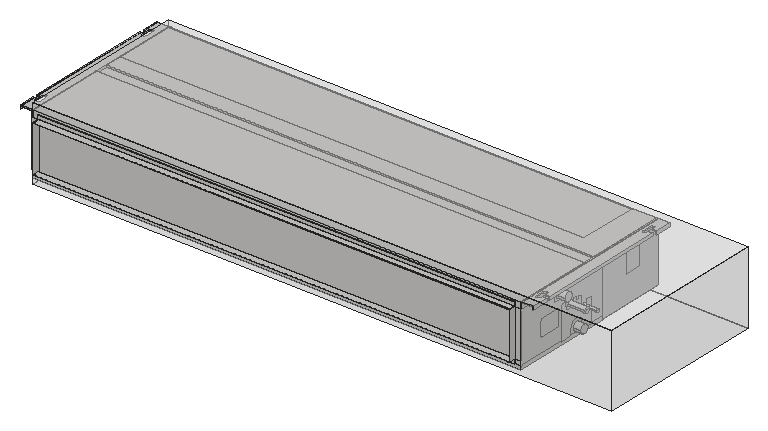
Revit family "outputfile", category 機械設備, Revit 2024
Family settings
  丸型コネクタ寸法 = 半径を使用
  パーツ タイプ = 標準
  OmniClass 番号 = 23.75.10.24.21.27.27
  OmniClass タイトル = Split System Air Conditioning Units
  作業面ベース = いいえ
  常に垂直 = はい
  ロード時にボイドで切り取り = いいえ
  注釈の向きを維持 = いいえ
  共有 = いいえ
  部屋計算ポイント = はい
Parameters (values of type "FPDQ100APV1")
  Description = ""
  書き出し IFC クラス(タイプ) = "IfcUnitaryEquipmentType"
  定義済み IFC タイプ(タイプ) = "AIRCONDITIONINGUNIT"
  Cost = 0
  Type Comments = ""
  Keynote = ""
  Type Image = (empty or 0)
  Assembly Code = ""
  w_RA Duct Size = RA Duct Size Width + 30.0 mm  # 1529.0 mm
  r_HP/LP Gas Pipe Size = 6.35 mm
  lw_HP/LP Gas Pipe Size = 60.0 mm  # constant formula
  lh_HP/LP Gas Pipe Size = -120.0 mm
  ld_HP/LP Gas Pipe Size = 131.0 mm
  製造元 = "Daikin"
  モデル = "FPDQ100APV1"
  w_pipe = 33.0 mm
  r_Liquid Pipe Size = Liquid Pipe Size / 2  # 4.75 mm
  r_Gas Pipe Size = Gas Pipe Size / 2  # 7.95 mm
  r_Drain Pipe Size = Drain Pipe Size / 2  # 13.0 mm
  lw_powersupply = 304.0 mm
  lh_suctionflange [instance] = if(Rear Connection_Return Air, 100.0 mm + [h***], 190.0 mm + [h***])  # 100.0 mm
  ld_suctionflange [instance] = if(Rear Connection_Return Air, 190.0 mm, 100.0 mm)  # 190.0 mm
  ld_powersupply = 60.0 mm
  angle_vertical_RA [instance] = if(Rear Connection_Return Air, 90.00°, 0.00°)  # 90.00°
  angle horizontal_RA [instance] = if(Rear Connection_Return Air, 180.00°, 270.00°)  # 180.00°
  Voltage_comment_50Hz = "220 - 240"
  Voltage_50Hz = 230 V
  URL = ""
  Supply Air Direction [instance] = yes
  Sound Power Level_H speed (dB) = 0
  Rear Connection_Return Air [instance] = not(Bottom Connection_Return Air)  # yes
  RA_length = 190.0 mm  # constant formula
  Phase_50Hz = 1
  Minimum External Static Pressure = 20.00 Pa
  Minimum Circuit Amps_50Hz = 0.7 A
  Maximum Fuse Amps_50Hz = 16.0 A
  Maximum External Static Pressure = 40.00 Pa
  Material_Casing = DAIKIN_GalvanizedSteel_Casing_indoorunit
  lw_liquidpipe = 49.0 mm  # constant formula
  lw_gaspipe = 59.0 mm  # constant formula
  lw_mountinghole_pitch = Width + 40.0 mm  # 1650.0 mm
  lw_mountinghole = 20.0 mm  # constant formula
  lw_drainpipe = 32.0 mm  # constant formula
  lh_powersupply = 21.5 mm
  lh_liquidpipe = 80.0 mm
  lh_gaspipe = 109.0 mm
  lh_mountinghole = Height + [h***]  # 200.0 mm
  lh_drainpipe = 43.0 mm
  lh_antena = 1.0 mm  # constant formula
  ld_liquidpipe = 255.0 mm  # constant formula
  ld_gaspipe = 198.0 mm  # constant formula
  ld_mountinghole_pitch = 500.0 mm  # constant formula
  ld_drainpipe = 405.0 mm  # constant formula
  ld_controlbox = 626.0 mm  # constant formula
  h*** = 0.0 mm  # constant formula
  d_dischargeflange = 22.2 mm  # constant formula
  Width = 1610.0 mm
  Version = "ver.1.0"
  Unit Type = "Compact Ceiling Mounted Duct Type"
  Unit Mass Weight = 40.00 kg
  Unit Designation [instance] = ""
  Uniclass2015Version = "Products v1.30"
  Uniclass2015Title = "Variable refrigerant flow units"
  Uniclass2015Code = "Pr_70_65_03_94"
  Total Cooling Capacity [instance] = 0.000 kW
  Sound Pressure Level_M speed (dBA) = 35
  Sound Pressure Level_L speed (dBA) = 33
  Sound Pressure Level_H speed (dBA) = 37
  Series = "VRV HOME_Fan Coil Unit"
  Sensible Cooling Capacity [instance] = 0.000 kW
  SA Duct Size Width = 1570.0 mm
  SA Duct Size Height = 153.0 mm
  Refrigerant Type = "R410A"
  RA Duct Size Width = 1499.0 mm
  RA Duct Size Height = 170.0 mm
  Power Input (Cooling) = 0.188 kW
  Option Accessory 3 [instance] = ""
  Option Accessory 2 [instance] = ""
  Option Accessory 1 [instance] = ""
  Nominal Cooling Capacity = 11.200 kW
  Minimum Airflow = 1080.00 m³/h
  Median Airflow = 1320.00 m³/h
  Maximum Airflow = 1560.00 m³/h
  Load Classification = HVAC
  Liquid Pipe Size = 9.5 mm
  Link_Nested Family [instance] = ""
  IfcVersion = ""
  IfcExportType = "AIRCONDITIONINGUNIT"
  IfcExportAs = "IfcUnitaryEquipmentType"
  Height = 200.0 mm
  Heat Exchanger Type = "Cross Fin Coil"
  Gas Pipe Size = 15.9 mm
  Frequency_50Hz = 50 Hz
  Fan Type = "Sirocco Fan"
  Fan Drive = "Direct Drive"
  FCU Tag No. [instance] = ""
  Drain Pipe Size = 26.0 mm
  Design Supply Airflow [instance] = 0.00 m³/h
  Design Return Airflow [instance] = 0.00 m³/h
  Design External Static Pressure [instance] = 0.00 Pa
  Depth = 560.0 mm
  既定の高さ = 0.0 mm
  Cooling Entering Wet Bulb Temperature [instance] = 0.00 °C
  Cooling Entering Dry Bulb Temperature [instance] = 0.00 °C
  Cooling Ambient Wet Bulb Temperature [instance] = 0.00 °C
  Cooling Ambient Dry Bulb Temperature [instance] = 0.00 °C
  Clearance visibility [instance] = yes
  Clearance Top = 20.0 mm
  Clearance Right = 300.0 mm
  Clearance Rear = 0.0 mm
  Clearance Left = 0.0 mm
  Clearance Front = 0.0 mm
  Clearance Bottom = 20.0 mm
  Bottom Connection_Return Air [instance] = no
Reference planes
  plane 1 "Center (Front/Back)": y = 0
  plane 2: z = 0
  plane 3 "Center (Left/Right)": x = 0
  plane 4 "Back": y = 280
  plane 5 "Front": y = -280
  plane 6 "Left": x = -805
  plane 7 "Right": x = 805
  plane 8 "Top": z = 0
  plane 9 "Bottom": z = -200
  plane 10: x = 330
  plane 11: x = -330
  plane 12: z = -178.5
  plane 13: z = -6
  plane 14: z = -22
  plane 15: z = -120
  plane 16: z = -91
  plane 17: x = -304
  plane 18: x = 304
  plane 19: x = -825
  plane 20: x = 825
  plane 21: y = -280
  plane 22: y = 220
  plane 23: x = -845
  plane 24: x = 390
  plane 25: x = 854
  plane 26: x = 864
  plane 27: x = 837
  plane 28: z = 0
  plane 29: z = -157
  plane 30 "Clearance Left": x = -805
  plane 31 "Clearance Right": x = 1105
  plane 32 "Clearance Rear": y = 280
  plane 33 "Clearance Front": y = -280
  plane 34 "Clearance Top": z = 20
  plane 35 "Clearance Bottom": z = -220
  plane 36: z = -21
  plane 37: z = -43
  plane 38: z = -96.5
  plane 39: x = -40.5
  plane 40: y = -82
  plane 41: y = -25
  plane 42: y = -30
  plane 43: y = -125
  plane 44: z = -97.5
  plane 45: y = -279
  plane 46: x = -804
  plane 47: z = -88.5
  plane 48: z = -30
  plane 49: y = 210
  plane 50: z = 301
  plane 51: z = -199
  plane 52: y = 90
  plane 53: z = -101
  plane 54: x = 835
  plane 55: z = 11
  plane 56: z = 102.5
  plane 57: y = -149
  plane 58: y = -220
Forms (mm)
  Extrusion 1, solid, material "DAIKIN_GalvanizedSteel_Casing_indoorunit" <- "Material_Casing"
    sketch origin (0, 0, 0) x (1, 0, 0) y (0, 1, 0)
      loop
        line (-805, -280) -> (805, -280) -> (805, 280) -> (-805, 280) -> (-805, -280)
    from -200 to 0
  Extrusion 2, void
    sketch origin (0, 0, 1) x (1, 0, 0) y (0, 1, 0)
      loop
        line (-805, -19) -> (805, -19) -> (805, 24) -> (-805, 24) -> (-805, -19)
    from -1 to -7
  Revolve 3, solid, material "DAIKIN_GalvanizedSteel_Casing_indoorunit" <- "Material_Casing"
    sketch origin (0, 0, -91) x (0, -1, 0) y (1, 0, 0)
      loop
        line (74.05, 805) -> (82, 805) -> (82, 864) -> (74.05, 864) -> (74.05, 805)
      axis (82, 805) -> (82, 864)
    angle from 0 to 360
  Revolve 4, solid, material "DAIKIN_GalvanizedSteel_Casing_indoorunit" <- "Material_Casing"
    sketch origin (0, 0, -120) x (0, -1, 0) y (1, 0, 0)
      loop
        line (25, 805) -> (25, 854) -> (20.25, 854) -> (20.25, 805) -> (25, 805)
      axis (25, 854) -> (25, 805)
    angle from 0 to 360
  Extrusion 5, solid, material "DAIKIN_GalvanizedSteel_Casing_indoorunit" <- "Material_Casing"
    sketch origin (805, 0, 0) x (0, 1, 0) y (0, 0, 1)
      loop
        circle (-125, -43) r 13
    from 0 to 32 <- "lw_drainpipe"
  Extrusion 6, solid, material "DAIKIN_GalvanizedSteel_Casing_indoorunit" <- "Material_Casing"
    sketch origin (0, 0, 0) x (1, 0, 0) y (0, 0, 1)
      loop
        line (-805, -190) -> (-805, -200) -> (805, -200) -> (805, -190) -> (-805, -190)
    from -55 to 280
  Extrusion 7, solid, material "DAIKIN_GalvanizedSteel_Casing_indoorunit" <- "Material_Casing", visible <- "Bottom Connection_Return Air"
    sketch origin (0, 280, 0) x (-1, 0, 0) y (0, 0, 1)
      loop
        line (-723, -200) -> (804, -200) -> (804, -1) -> (-723, -1) -> (-723, -200)
    from -1 to 0
  Extrusion 8, void
    sketch origin (0, 280, 0) x (-1, 0, 0) y (0, 0, 1)
      loop
        line (-723, 0) -> (-723, -1) -> (804, -1) -> (804, 0) -> (-723, 0)
    from 0 to -200
  Extrusion 9, solid, material "DAIKIN_GalvanizedSteel_Casing_indoorunit" <- "Material_Casing", visible <- "Rear Connection_Return Air"
    sketch origin (0, 0, 0) x (1, 0, 0) y (0, 1, 0)
      loop
        line (-804, 280) -> (-804, 80) -> (723, 80) -> (723, 280) -> (-804, 280)
    from -200 to -199
  Extrusion 10, solid, material "DAIKIN_GalvanizedSteel_Casing_indoorunit" <- "Material_Casing"
    sketch origin (805, 0, 0) x (0, 1, 0) y (0, 0, 1)
      loop
        line (280, -21.933) -> (55, -21.933) -> (55, -197.5) -> (280, -197.5) -> (280, -21.933)
    from 1 to 0
  Extrusion 11, void
    sketch origin (805, 0, 0) x (0, 1, 0) y (0, 0, 1)
      loop
        arc (-108.988, -64) -> (-105.461, -62.539) -> (-104, -59.012) r 4.988
        line (-104, -59.012) -> (-104, -26.988)
        arc (-104, -26.988) -> (-105.461, -23.461) -> (-108.988, -22) r 4.988
        line (-108.988, -22) -> (-141.012, -22)
        arc (-141.012, -22) -> (-144.539, -23.461) -> (-146, -26.988) r 4.988
        line (-146, -26.988) -> (-146, -59.012)
        arc (-146, -59.012) -> (-144.539, -62.539) -> (-141.012, -64) r 4.988
        line (-141.012, -64) -> (-108.988, -64)
    from 0 to -1
  Extrusion 12, solid, material "DAIKIN_GalvanizedSteel_Casing_indoorunit" <- "Material_Casing"
    sketch origin (805, 0, 0) x (0, 1, 0) y (0, 0, 1)
      loop
        circle (-55, -170) r 13
    from 28 to 0
  Extrusion 13, solid, material "DAIKIN_GalvanizedSteel_Casing_indoorunit" <- "Material_Casing"
    sketch origin (805, 0, 0) x (0, 1, 0) y (0, 0, 1)
      loop
        line (-199.354, -90) -> (-199.354, -136)
        arc (-199.354, -136) -> (-198.475, -138.121) -> (-196.354, -139) r 3
        line (-196.354, -139) -> (-132.354, -139)
        arc (-132.354, -139) -> (-130.233, -138.121) -> (-129.354, -136) r 3
        line (-129.354, -136) -> (-129.354, -90)
        arc (-129.354, -90) -> (-130.233, -87.879) -> (-132.354, -87) r 3
        line (-132.354, -87) -> (-196.354, -87)
        arc (-196.354, -87) -> (-198.475, -87.879) -> (-199.354, -90) r 3
      loop
        line (152, -37) -> (152, -107) -> (204, -107) -> (204, -37) -> (152, -37)
      loop
        line (-37.5, -120) -> (-37.5, -90)
        arc (-37.5, -90) -> (-38.086, -88.586) -> (-39.5, -88) r 2
        line (-39.5, -88) -> (-41.5, -88)
        arc (-41.5, -88) -> (-42.914, -88.586) -> (-43.5, -90) r 2
        line (-43.5, -90) -> (-43.5, -94) -> (-55.5, -94) -> (-55.5, -86)
        arc (-55.5, -86) -> (-56.086, -84.586) -> (-57.5, -84) r 2
        line (-57.5, -84) -> (-62, -84)
        arc (-62, -84) -> (-63.414, -84.586) -> (-64, -86) r 2
        line (-64, -86) -> (-64, -91)
        arc (-64, -91) -> (-82, -109) -> (-100, -91) r 18
        line (-100, -91) -> (-100, -83)
        arc (-100, -83) -> (-100.586, -81.586) -> (-102, -81) r 2
        line (-102, -81) -> (-112.5, -81)
        arc (-112.5, -81) -> (-113.914, -81.586) -> (-114.5, -83) r 2
        line (-114.5, -83) -> (-114.5, -190) -> (-79.5, -190) -> (-79.5, -170)
        arc (-79.5, -170) -> (-55, -145.5) -> (-30.5, -170) r 24.5
        line (-30.5, -170) -> (-30.5, -190) -> (5.5, -190) -> (5.5, -112)
        arc (5.5, -112) -> (4.914, -110.586) -> (3.5, -110) r 2
        line (3.5, -110) -> (-9.5, -110)
        arc (-9.5, -110) -> (-10.914, -110.586) -> (-11.5, -112) r 2
        line (-11.5, -112) -> (-11.5, -120)
        arc (-11.5, -120) -> (-24.5, -133) -> (-37.5, -120) r 13
    from 0 to 1
  Extrusion 14, solid, material "DAIKIN_GalvanizedSteel_Casing_indoorunit" <- "Material_Casing"
    sketch origin (-805, 0, 0) x (0, 1, 0) y (0, 0, 1)
      loop
        circle (160, -102) r 21
    from 0 to -7
  Extrusion 15, solid, material "DAIKIN_GalvanizedSteel_Casing_indoorunit" <- "Material_Casing"
    sketch origin (-805, 0, 0) x (0, 1, 0) y (0, 0, 1)
      loop
        circle (160, -102) r 17.5
    from 0 to -8.5
  Extrusion 16, solid, material "DAIKIN_GalvanizedSteel_Casing_indoorunit" <- "Material_Casing"
    sketch origin (-805, 0, 0) x (0, 1, 0) y (0, 0, 1)
      loop
        circle (160, -102) r 7
    from 0 to -20.5
Cuts and joins
  Extrusion 2, Extrusion 8, Extrusion 11 cuts Extrusion 1
  Extrusion 8 cuts Extrusion 6
  joined: Extrusion 14, Extrusion 15, Extrusion 16
Dimensions and locks
  "lh_powersupply": plane 12 to plane 9 "Bottom"
  locked: plane 8 "Top" to plane 13 at 6
  "Height": plane 8 "Top" to plane 9 "Bottom"
  equal spacing: plane 17, plane 3 "Center (Left/Right)", plane 18, locked at 304 each
  plane 17 to plane 18 = 608.0 mm
  equal spacing: plane 19, plane 3 "Center (Left/Right)", plane 20
  "lw_mountinghole_pitch": plane 19 to plane 20
  locked: plane 14 to plane 9 "Bottom" at 178
  "lw_mountinghole": plane 23 to plane 19
  "lh_liquidpipe": plane 15 to plane 9 "Bottom"
  "lh_gaspipe": plane 16 to plane 9 "Bottom"
  "lh_mountinghole": plane 28 to plane 9 "Bottom"
  "ld_mountinghole_pitch": plane 22 to plane 21
  equal spacing: plane 6 "Left", plane 3 "Center (Left/Right)", plane 7 "Right"
  "Width": plane 6 "Left" to plane 7 "Right"
  "lh_drainpipe": plane 29 to plane 9 "Bottom"
  "Clearance Right": plane 7 "Right" to plane 31 "Clearance Right"
  "Clearance Left": plane 30 "Clearance Left" to plane 6 "Left"
  "lw_gaspipe": plane 7 "Right" to plane 26
  "lw_liquidpipe": plane 7 "Right" to plane 25
  "lw_drainpipe": plane 7 "Right" to plane 27
  "Clearance Rear": plane 32 "Clearance Rear" to plane 4 "Back"
  "Clearance Front": plane 5 "Front" to plane 33 "Clearance Front"
  "Clearance Top": plane 34 "Clearance Top" to plane 8 "Top"
  "Clearance Bottom": plane 9 "Bottom" to plane 35 "Clearance Bottom"
  "lw_powersupply": plane 3 "Center (Left/Right)" to plane 18
  locked: plane 8 "Top" to plane 36 at 21
  "lh_drainpipe": plane 8 "Top" to plane 37
  locked: plane 38 to plane 9 "Bottom" at 103.5
  locked: plane 36 to plane 44 at 76.5
  "Depth": plane 4 "Back" to plane 5 "Front"
  equal spacing: plane 4 "Back", plane 1 "Center (Front/Back)", plane 5 "Front"
  locked: plane 45 to plane 5 "Front" at 1
  locked: plane 46 to plane 6 "Left" at 1
  Extrusion 7 sketch curve to Extrusion 7 sketch curve = 199.0 mm
  nested 12 to plane 39 = 749.5 mm
  locked: plane 12 to plane 47 at 90
  plane 32 "Clearance Rear" to Extrusion 7 = 0.0 mm
  locked: plane 48 to plane 35 "Clearance Bottom" at 190
  plane 50 to plane 28 = 301.0 mm
  locked: plane 51 to plane 9 "Bottom" at 1
  "ld_suctionflange": plane 4 "Back" to plane 52
  locked: plane 53 to plane 9 "Bottom" at 99
  locked: plane 54 to plane 7 "Right" at 30
  "r_Gas Pipe Size": Revolve 3 sketch curve to Revolve 3 sketch curve
  "ld_gaspipe": plane 40 to plane 5 "Front"
  "r_Liquid Pipe Size": Revolve 4 sketch curve to plane 41
  "ld_liquidpipe": plane 41 to plane 5 "Front"
  "ld_drainpipe": plane 4 "Back" to plane 43
  "ld_HP/LP Gas Pipe Size": plane 57 to plane 5 "Front"
  plane 8 "Top" to plane 15 = 120.0 mm
  locked: nested 11 to plane 7 "Right" at 61.7
  locked: plane 4 "Back" to nested 11 at 49.2
  locked: plane 7 "Right" to Extrusion 8 sketch curve at 82
  locked: plane 7 "Right" to Extrusion 7 sketch curve at 82
  locked: plane 4 "Back" to plane 22 at 60
  locked: plane 58 to plane 5 "Front" at 60
  locked: plane 4 "Back" to nested 13 at 1
  locked: plane 4 "Back" to Extrusion 2 sketch curve at 256
  locked: Extrusion 2 sketch curve to Extrusion 2 sketch curve at 43
  "lw_gaspipe": plane 7 "Right" to Revolve 3 sketch curve
  "lw_liquidpipe": plane 7 "Right" to Revolve 4 sketch curve
  plane 4 "Back" to Extrusion 14 sketch curve = 120.0 mm
  plane 8 "Top" to Extrusion 14 sketch curve = 102.0 mm
  locked: plane 4 "Back" to Extrusion 15 sketch curve at 120
  locked: plane 8 "Top" to Extrusion 15 sketch curve at 102
  plane 4 "Back" to Extrusion 16 sketch curve = 120.0 mm
  plane 8 "Top" to Extrusion 16 sketch curve = 102.0 mm
  plane 8 "Top" to Extrusion 11 sketch curve = 22.0 mm
  locked: Extrusion 10 sketch curve to Extrusion 10 sketch curve at 175.567
  plane 8 "Top" to Extrusion 13 sketch curve to Extrusion 13 sketch curve = 37.0 mm locked, 70.0 mm locked
  Extrusion 13 sketch curve to Extrusion 13 sketch curve to plane 4 "Back" = 52.0 mm locked, 76.0 mm locked
  locked: Extrusion 10 sketch curve to plane 4 "Back" at 225
  "ld_gaspipe": Revolve 3 sketch curve to plane 5 "Front"
  "r_Drain Pipe Size": radius of Extrusion 5 sketch curve
  aligned and locked: level to plane 2
  aligned and locked: Extrusion 1 to plane 9 "Bottom"
  aligned and locked: plane 8 "Top" to Extrusion 1
  aligned and locked: Revolve 3 sketch curve to Revolve 3 sketch curve
  aligned and locked: plane 25 to nested 6
  aligned and locked: nested 6 to plane 15
  aligned and locked: plane 22 to nested 2
  aligned and locked: plane 20 to nested 2
  aligned and locked: plane 20 to nested 3
  aligned and locked: plane 19 to nested 4
  aligned and locked: nested 5 to plane 22
  aligned and locked: plane 19 to nested 5
  aligned and locked: plane 8 "Top" to nested 1
  aligned and locked: Extrusion 6 to plane 5 "Front"
  aligned and locked: Extrusion 6 to plane 9 "Bottom"
  aligned and locked: nested 7 to plane 16
  aligned and locked: plane 4 "Back" to nested 1
  aligned and locked: plane 40 to nested 7
  aligned and locked: plane 41 to nested 6
  aligned and locked: nested 12 to plane 46
  aligned and locked: plane 4 "Back" to Extrusion 8
  aligned and locked: plane 8 "Top" to Extrusion 2
  aligned and locked: Extrusion 7 to cut or joined group of Extrusion 1, Extrusion 2, Extrusion 8, Extrusion 11
  aligned and locked: plane 9 "Bottom" to Extrusion 9  (x2)
  aligned and locked: Extrusion 9 to plane 51
  aligned and locked: plane 4 "Back" to nested 12
  aligned and locked: Extrusion 8 to level
  aligned and locked: plane 32 "Clearance Rear" to nested 14
  aligned and locked: plane 31 "Clearance Right" to nested 14
  aligned and locked: plane 30 "Clearance Left" to nested 14
  aligned and locked: nested 14 to plane 33 "Clearance Front"
  aligned and locked: nested 14 to plane 34 "Clearance Top"
  aligned and locked: nested 14 to plane 35 "Clearance Bottom"
  aligned and locked: plane 7 "Right" to Extrusion 10
  aligned and locked: Extrusion 2 to plane 13
  aligned and locked: nested 8 to plane 37
  aligned and locked: nested 10 to plane 1 "Center (Front/Back)"
  aligned and locked: plane 46 to Extrusion 7
  aligned and locked: nested 12 to plane 51
  aligned and locked: plane 3 "Center (Left/Right)" to nested 10
  aligned and locked: nested 16 to plane 13
  aligned and locked: plane 44 to nested 9
  aligned and locked: level to plane 8 "Top"
  aligned and locked: plane 3 "Center (Left/Right)" to nested 1
  aligned and locked: Extrusion 1 sketch curve to plane 5 "Front"
  aligned and locked: plane 3 "Center (Left/Right)" to nested 16
  aligned and locked: plane 5 "Front" to nested 16
  aligned and locked: nested 9 to plane 5 "Front"
  aligned and locked: plane 41 to Revolve 4 sketch curve  (x2)
  aligned and locked: plane 7 "Right" to nested 7
  aligned and locked: Extrusion 9 sketch curve to cut or joined group of Extrusion 1, Extrusion 2, Extrusion 8, Extrusion 11
  aligned and locked: plane 46 to nested 13
  aligned and locked: plane 7 "Right" to nested 8
  aligned and locked: plane 43 to nested 8
  aligned and locked: cut or joined group of Extrusion 1, Extrusion 2, Extrusion 8, Extrusion 11 to Extrusion 9 sketch curve
  aligned and locked: nested 4 to plane 58
  aligned and locked: plane 58 to nested 3
  aligned and locked: plane 39 to nested 15
  aligned and locked: nested 15 to plane 52
  aligned and locked: plane 7 "Right" to Revolve 3 sketch curve
  aligned and locked: plane 7 "Right" to Revolve 4 sketch curve
  aligned and locked: Extrusion 6 sketch curve to plane 9 "Bottom"
  aligned and locked: Extrusion 5 sketch curve to plane 43
  aligned and locked: plane 4 "Back" to Extrusion 10 sketch curve
Automatic sketch dimensions
  Extrusion 1 sketch curve to plane 4 "Back" = 0.0 mm
  Extrusion 1 sketch curve to plane 6 "Left" = 0.0 mm
  Extrusion 1 sketch curve to plane 7 "Right" = 0.0 mm
  Extrusion 2 sketch curve to plane 6 "Left" = 0.0 mm
  Extrusion 2 sketch curve to plane 7 "Right" = 0.0 mm
  Revolve 3 sketch curve to plane 39 = 57.997 mm
  plane 25 to Revolve 3 sketch curve = 1.003 mm
  Revolve 4 sketch curve to plane 25 = 0.0 mm
  Revolve 4 sketch curve to Revolve 4 sketch curve = 1.0 mm
  Extrusion 6 sketch curve to plane 6 "Left" = 0.0 mm
  Extrusion 6 sketch curve to plane 7 "Right" = 0.0 mm
  Extrusion 9 sketch curve to plane 46 = 0.0 mm
  Extrusion 9 sketch curve to plane 4 "Back" = 0.0 mm
  plane 1 "Center (Front/Back)" to Extrusion 11 sketch curve = 146.0 mm
  plane 1 "Center (Front/Back)" to Extrusion 11 sketch curve = 141.012 mm
  Extrusion 11 sketch curve to Extrusion 11 sketch curve = 4.988 mm  (x2)
  plane 43 to Extrusion 11 sketch curve = 16.012 mm  (x2)
  plane 16 to Extrusion 11 sketch curve = 31.988 mm
  plane 43 to Extrusion 12 sketch curve = 70.0 mm
  plane 12 to Extrusion 12 sketch curve = 8.5 mm
  Extrusion 5 sketch curve to plane 37 = 0.0 mm
  Extrusion 7 sketch curve to plane 9 "Bottom" = 0.0 mm
  Extrusion 7 sketch curve to plane 46 = 0.0 mm
  Extrusion 8 sketch curve to level = 0.0 mm
  Extrusion 8 sketch curve to plane 46 = 0.0 mm
  Extrusion 8 sketch curve to level = 1.0 mm
  Extrusion 13 sketch curve to plane 47 = 1.5 mm  (x2)
  plane 58 to Extrusion 13 sketch curve = 20.646 mm
  Extrusion 13 sketch curve to Extrusion 13 sketch curve = 3.0 mm  (x2)
  plane 57 to Extrusion 13 sketch curve = 16.646 mm  (x2)
  plane 29 to Extrusion 13 sketch curve = 21.0 mm
  Extrusion 13 sketch curve to plane 16 = 0.0 mm
  Extrusion 13 sketch curve to plane 40 = 0.0 mm
  plane 43 to Extrusion 13 sketch curve = 10.5 mm
  Extrusion 13 sketch curve to Extrusion 13 sketch curve = 2.0 mm  (x8)
  Extrusion 13 sketch curve to Extrusion 13 sketch curve = 10.5 mm
  Extrusion 13 sketch curve to Extrusion 13 sketch curve = 4.5 mm
  plane 38 to Extrusion 13 sketch curve = 2.5 mm
  plane 47 to Extrusion 13 sketch curve = 0.5 mm
  plane 16 to Extrusion 13 sketch curve = 1.0 mm
  plane 47 to Extrusion 13 sketch curve = 2.5 mm
  plane 47 to Extrusion 13 sketch curve = 5.5 mm
  plane 15 to Extrusion 13 sketch curve = 0.0 mm
  plane 41 to Extrusion 13 sketch curve = 0.5 mm
  Extrusion 13 sketch curve to plane 1 "Center (Front/Back)" = 3.5 mm
  plane 15 to Extrusion 13 sketch curve = 8.0 mm
  Extrusion 13 sketch curve to plane 42 = 7.5 mm
  plane 40 to Extrusion 13 sketch curve = 2.5 mm
  plane 12 to Extrusion 13 sketch curve = 8.5 mm
  Extrusion 13 sketch curve to Extrusion 13 sketch curve = 24.5 mm
  plane 51 to Extrusion 13 sketch curve = 9.0 mm  (x2)
  plane 51 to Extrusion 6 sketch curve = 9.0 mm
  plane 14 to Extrusion 10 sketch curve = 0.067 mm
  radius of Extrusion 12 sketch curve = 13.0 mm
  radius of Extrusion 14 sketch curve = 21.0 mm
  radius of Extrusion 15 sketch curve = 17.5 mm
  radius of Extrusion 16 sketch curve = 7.0 mm
Nested families
  nested 1: "daikin_hangerfixture_FPDQ-APV1" at (0, 0, 0), type "daikin_hangerfixture_FPDQ-APV1"
  nested 2: "daikin_mountinghole" at (825, 220, -200), l_antenna <- "lh_antena", Link_Nested Family <- "Link_Nested Family", h_mountinghole <- "lh_mountinghole", type "daikin_mountinghole"
    with show yes, l_antenna 1.0 mm, h_mountinghole 200.0 mm, Link_Nested Family ""
  nested 3: "daikin_mountinghole" at (825, -220, -200), Link_Nested Family <- "Link_Nested Family", l_antenna <- "lh_antena", h_mountinghole <- "lh_mountinghole", type "daikin_mountinghole"
    with show yes, l_antenna 1.0 mm, h_mountinghole 200.0 mm, Link_Nested Family ""
  nested 4: "daikin_mountinghole" at (-825, -220, -200), l_antenna <- "lh_antena", Link_Nested Family <- "Link_Nested Family", h_mountinghole <- "lh_mountinghole", type "daikin_mountinghole"
    with show yes, l_antenna 1.0 mm, h_mountinghole 200.0 mm, Link_Nested Family ""
  nested 5: "daikin_mountinghole" at (-825, 220, -200), l_antenna <- "lh_antena", Link_Nested Family <- "Link_Nested Family", h_mountinghole <- "lh_mountinghole", type "daikin_mountinghole"
    with show yes, l_antenna 1.0 mm, h_mountinghole 200.0 mm, Link_Nested Family ""
  nested 6: "daikin_connector_rotate2" at (805, -25, -120) x (0, 1, 0) z (0, 0, 1), length <- "lw_liquidpipe", built-in parameter 1001364 <- "lh_liquidpipe", radius <- "r_Liquid Pipe Size", type "daikin_connector_rotate2"
    with radius 4.75 mm, length 49.0 mm, angle_vertical 90.00°
  nested 7: "daikin_connector_rotate2" at (805, -82, -91) x (0, 1, 0) z (0, 0, 1), length <- "lw_gaspipe", built-in parameter 1001364 <- "lh_gaspipe", radius <- "r_Gas Pipe Size", type "daikin_connector_rotate2"
    with radius 7.95 mm, length 59.0 mm, angle_vertical 90.00°
  nested 8: "daikin_connector_rotate2" at (805, -125, -43) x (0, 1, 0) z (0, 0, 1), built-in parameter 1001364 <- "lh_drainpipe", radius <- "r_Drain Pipe Size", length <- "lw_drainpipe", type "daikin_connector_rotate2"
    with radius 13.0 mm, length 32.0 mm, angle_vertical 90.00°
  nested 9: "daikin_connector_rotate2" at (0, -280, -97.5), length <- "d_dischargeflange", type "daikin_connector_rotate2"
    with radius 10.0 mm, length 22.2 mm, angle_vertical 90.00°
  nested 10: "daikin_△_symbolicline" at (-75, -129.904, 200) x (-0.5, 0.866, 0) z (0, 0, 1), built-in parameter 1001364 <- "Height", visible <- "Supply Air Direction", type "daikin_△_symbolicline"
    with length 300.0 mm
  nested 11: "daikin_connector_rotate2" at (743.3, 230.8, -178.5) x (-1, 0, 0) z (0, 0, 1), type "daikin_connector_rotate2"
    with radius 10.0 mm, length 49.2 mm, angle_vertical 90.00°
  nested 12: "daikin_ductflange_FPDQ-APV1_2" at (-40.5, 280, -100), material <- "Material_Casing", visible <- "Rear Connection_Return Air", width <- "w_RA Duct Size", height <- "RA Duct Size Height", type "daikin_ductflange_FPDQ-APV1_2"
    with width 1529.0 mm, material DAIKIN_GalvanizedSteel_Casing_indoorunit, height 170.0 mm, depth 21.2 mm
  nested 13: "daikin_ductflange_FPDQ-APV1_2" at (-40.5, 180, -200) x (1, 0, 0) z (0, 1, 0), material <- "Material_Casing", visible <- "Bottom Connection_Return Air", width <- "w_RA Duct Size", height <- "RA Duct Size Height", type "daikin_ductflange_FPDQ-APV1_2"
    with width 1529.0 mm, material DAIKIN_GalvanizedSteel_Casing_indoorunit, height 170.0 mm, depth 21.2 mm
  nested 14: "daikin_clearancespace" at (150, 0, -99.881), visible <- "Clearance visibility", show <- "Clearance visibility", Link_Nested Family <- "Link_Nested Family", type "daikin_clearancespace"
    with width 1910.0 mm, show yes, height 240.0 mm, depth 560.0 mm, Link_Nested Family ""
  nested 15: "daikin_connector_rotate3" at (-40.5, 90, -100), built-in parameter 1001364 <- "lh_suctionflange", angle_vertical <- "angle_vertical_RA", angle_horizontal <- "angle horizontal_RA", length <- "RA_length", type "daikin_connector_rotate3"
    with show no, radius 10.0 mm, length 190.0 mm, angle_vertical 90.00°, angle_horizontal 180.00°
  nested 16: "daikin_ductflange_FPDQ-APV1_1" at (0, 33.5, -364.201), width <- "SA Duct Size Width", type "daikin_ductflange_FPDQ-APV1_1"
    with width 1570.0 mm, material DAIKIN_GalvanizedSteel_Casing_indoorunit, height 155.0 mm, depth 22.2 mm
Connectors
  piping at (864, -82, -91), diameter 15.9, driven by "r_Gas Pipe Size"
    settings: on nested 7, index 1, connector inside diameter 609.6 mm, connector length 0.0 mm, flow factor 0, pipe flow 0.00 m³/h, pressure drop 0.0 Pa, fitting loss kfactor 0, connector angle 0.00°, fixture units 0, engagement length 0.0 mm, angle of deflection 0.00°, flow configuration 1, flow direction 2, fitting loss method 0, system type 29, joint type 0, gender type 0, connector reference index -1, connector utility 0, adjustable connector no, is connector primary yes, connector description "Refrigerant Gas Piping"
  piping at (854, -25, -120), diameter 9.5, driven by "r_Liquid Pipe Size"
    settings: on nested 6, index 2, connector inside diameter 609.6 mm, connector length 0.0 mm, flow factor 0, pipe flow 0.00 m³/h, pressure drop 0.0 Pa, fitting loss kfactor 0, connector angle 0.00°, fixture units 0, engagement length 0.0 mm, angle of deflection 0.00°, flow configuration 1, flow direction 1, fitting loss method 0, system type 29, joint type 0, gender type 0, connector reference index -1, connector utility 0, adjustable connector no, is connector primary no, connector description "Refrigerant Liquid Piping"
  piping at (837, -125, -43), diameter 26, driven by "r_Drain Pipe Size"
    settings: on nested 8, index 3, connector inside diameter 609.6 mm, connector length 0.0 mm, flow factor 0, pipe flow 0.00 m³/h, pressure drop 0.0 Pa, fitting loss kfactor 0, connector angle 0.00°, fixture units 0, engagement length 0.0 mm, angle of deflection 0.00°, flow configuration 1, flow direction 2, fitting loss method 4, system type 16, joint type 0, gender type 0, connector reference index -1, connector utility 0, adjustable connector no, is connector primary no, connector description "Condensate Drain Piping"
  electrical at (743.3, 280, -178.5), driven by "Load Classification"
    settings: on nested 11, index 9, voltage 0 V, apparent load 0 VA, apparent load phase1 0 VA, apparent load phase2 0 VA, apparent load phase3 0 VA, power factor 1, load classification "HVAC", number of poles 1, system type 30, power factor state 1, is connector primary yes, connector utility no, sub classification motor no, connector description "Power Supply"
  hvac at (0, -302.2, -97.5), driven by "SA Duct Size Height", driven by "SA Duct Size Width"
    settings: on nested 9, index 11, duct flow 0.00 m³/h, flow factor 0, pres drop 0.00 Pa, loss coef 0, conn angle 0.00°, conn width 1570.0 mm, conn height 153.0 mm, conn diameter 609.6 mm, duct sys type 1, conn prof type 1, flow config 0, flow direction 2, loss method 4, conn ref index -1, conn util no, is conn primary yes, conn desc "SA Duct"
  hvac at (-40.5, 280, -100), driven by "RA Duct Size Height", driven by "RA Duct Size Width"
    settings: on nested 15, index 12, duct flow 0.00 m³/h, flow factor 0, pres drop 0.00 Pa, loss coef 0, conn angle 0.00°, conn width 1499.0 mm, conn height 170.0 mm, conn diameter 609.6 mm, duct sys type 2, conn prof type 1, flow config 0, flow direction 1, loss method 4, conn ref index -1, conn util no, is conn primary no, conn desc "RA Duct"
  piping at (864, -82, -91), diameter 15.9, driven by "r_Gas Pipe Size"
    settings: on nested 7, index 13, connector inside diameter 609.6 mm, connector length 0.0 mm, flow factor 0, pipe flow 0.00 m³/h, pressure drop 0.0 Pa, fitting loss kfactor 0, connector angle 0.00°, fixture units 0, engagement length 0.0 mm, angle of deflection 0.00°, flow configuration 1, flow direction 2, fitting loss method 0, system type 29, joint type 0, gender type 0, connector reference index -1, connector utility 0, adjustable connector no, is connector primary no, connector description "Refrigerant Gas Piping"
Definition of nested family "daikin_hangerfixture_FPDQ-APV1"
  Parameters (values of type "daikin_hangerfixture_FPDQ-APV1")
    width = 1610.0 mm
    material = none
    height = 65.0 mm
    depth = 560.0 mm
    Default Elevation = 0.0 mm
  Reference planes
    plane 1 "Center (Front/Back)": y = 0
    plane 2: z = 0
    plane 3 "Center (Left/Right)": x = 0
    plane 4: x = 805
    plane 5: y = 280
    plane 6: y = -280
    plane 7: x = -805
  Forms (mm)
    Extrusion 1, void
      sketch origin (0, 0, 0) x (0, 1, 0) y (0, 0, 1)
        loop
          line (280, -30) -> (280, -17.979) -> (52.935, -17.979) -> (40.914, -30) -> (280, -30)
      from 0 to 850
    Extrusion 2, void
      sketch origin (0, 0, 0) x (1, 0, 0) y (0, 1, 0)
        loop
          line (845, -213.5) -> (832, -213.5) -> (832, -207)
          arc (832, -207) -> (825, -200) -> (818, -207) r 7
          line (818, -207) -> (818, -233)
          arc (818, -233) -> (825, -240) -> (832, -233) r 7
          line (832, -233) -> (832, -226.5) -> (845, -226.5) -> (845, -213.5)
        loop
          line (845, 213.5) -> (845, 226.5) -> (832, 226.5) -> (832, 233)
          arc (832, 233) -> (825, 240) -> (818, 233) r 7
          line (818, 233) -> (818, 207)
          arc (818, 207) -> (825, 200) -> (832, 207) r 7
          line (832, 207) -> (832, 213.5) -> (845, 213.5)
      from -254.96 to 618
    Extrusion 3, solid, material <- "material"
      sketch origin (0, 0, 0) x (-1, 0, 0) y (0, 0, -1)
        loop
          line (805, 0) -> (845, 0) -> (845, 10) -> (842.7, 10) -> (842.7, 2.3) -> (807.3, 2.3) -> (807.3, 20) -> (805, 20) -> (805, 0)
      from -280 to 280
    Extrusion 4, void
      sketch origin (0, 0, 0) x (-1, 0, 0) y (0, -1, 0)
        loop
          line (845, 213.5) -> (845, 226.5) -> (832, 226.5) -> (832, 233)
          arc (832, 233) -> (825, 240) -> (818, 233) r 7
          line (818, 233) -> (818, 207)
          arc (818, 207) -> (825, 200) -> (832, 207) r 7
          line (832, 207) -> (832, 213.5) -> (845, 213.5)
        loop
          line (845, -213.5) -> (832, -213.5) -> (832, -207)
          arc (832, -207) -> (825, -200) -> (818, -207) r 7
          line (818, -207) -> (818, -233)
          arc (818, -233) -> (825, -240) -> (832, -233) r 7
          line (832, -233) -> (832, -226.5) -> (845, -226.5) -> (845, -213.5)
      from -254.96 to 618
    Extrusion 5, solid, material <- "material"
      sketch origin (0, 0, 0) x (1, 0, 0) y (0, 0, 1)
        loop
          line (805, 0) -> (805, -20) -> (807.3, -20) -> (807.3, -2.3) -> (842.7, -2.3) -> (842.7, -10) -> (845, -10) -> (845, 0) -> (805, 0)
      from -280 to 280
  Cuts and joins
    Extrusion 4 cuts Extrusion 3
    Extrusion 1, Extrusion 2 cuts Extrusion 5
  Dimensions and locks
    equal spacing: plane 5, plane 1 "Center (Front/Back)", plane 6
    "depth": plane 5 to plane 6
    plane 6 to plane 1 "Center (Front/Back)" to plane 5 = 280.0 mm, 280.0 mm
    equal spacing: plane 7, plane 3 "Center (Left/Right)", plane 4
    "width": plane 7 to plane 4
    locked: Extrusion 4 sketch curve to plane 7 at 13
    plane 7 to Extrusion 3 sketch curve = 40.0 mm
    aligned and locked: level to plane 2
    aligned and locked: plane 5 to cut or joined group of Extrusion 3, Extrusion 4
    aligned and locked: cut or joined group of Extrusion 3, Extrusion 4 to plane 6
    aligned and locked: Extrusion 3 sketch curve to plane 7
    aligned and locked: plane 2 to Extrusion 3 sketch curve
  Automatic sketch dimensions
    Extrusion 1 sketch curve to plane 5 = 0.0 mm
    Extrusion 1 sketch curve to level = 17.979 mm
    Extrusion 1 sketch curve to plane 1 "Center (Front/Back)" = 52.935 mm
    Extrusion 1 sketch curve to Extrusion 1 sketch curve = 12.021 mm  (x2)
    plane 4 to Extrusion 2 sketch curve = 13.0 mm  (x2)
    Extrusion 2 sketch curve to Extrusion 2 sketch curve = 7.0 mm  (x4)
    Extrusion 2 sketch curve to Extrusion 2 sketch curve = 13.0 mm  (x4)
    plane 6 to Extrusion 2 sketch curve = 47.0 mm
    Extrusion 2 sketch curve to Extrusion 2 sketch curve = 6.5 mm  (x4)
    Extrusion 2 sketch curve to plane 5 = 73.0 mm
    Extrusion 3 sketch curve to plane 7 = 2.3 mm
    Extrusion 3 sketch curve to Extrusion 3 sketch curve = 2.3 mm
    Extrusion 3 sketch curve to level = 2.3 mm
    Extrusion 3 sketch curve to Extrusion 3 sketch curve = 7.7 mm
    Extrusion 3 sketch curve to Extrusion 3 sketch curve = 17.7 mm
    Extrusion 4 sketch curve to plane 7 = 13.0 mm
    Extrusion 4 sketch curve to Extrusion 4 sketch curve = 7.0 mm  (x4)
    Extrusion 4 sketch curve to Extrusion 4 sketch curve = 13.0 mm  (x4)
    Extrusion 4 sketch curve to plane 5 = 47.0 mm
    Extrusion 4 sketch curve to Extrusion 4 sketch curve = 6.5 mm  (x4)
    plane 6 to Extrusion 4 sketch curve = 73.0 mm
    Extrusion 5 sketch curve to level = 0.0 mm
    Extrusion 5 sketch curve to plane 4 = 0.0 mm
    plane 4 to Extrusion 5 sketch curve = 2.3 mm
    Extrusion 5 sketch curve to level = 2.3 mm
    Extrusion 5 sketch curve to Extrusion 5 sketch curve = 35.4 mm
    Extrusion 5 sketch curve to Extrusion 5 sketch curve = 2.3 mm
    Extrusion 5 sketch curve to Extrusion 5 sketch curve = 7.7 mm
    Extrusion 5 sketch curve to Extrusion 5 sketch curve = 17.7 mm
Definition of nested family "daikin_ductflange_FPDQ-APV1_2"
  Parameters (values of type "daikin_ductflange_FPRQ-APVM_2")
    width [instance] = 620.0 mm
    material [instance] = none
    height [instance] = 170.0 mm
    depth [instance] = 21.2 mm
    Default Elevation = 0.0 mm
  Reference planes
    plane 1 "Center (Front/Back)": y = 0
    plane 2: z = 0
    plane 3 "Center (Left/Right)": x = 0
    plane 4: y = -313.5
    plane 5: y = -334.7
    plane 6: x = -310
    plane 7: x = 310
    plane 8: z = 85
    plane 9: z = -85
    plane 10: z = 100
    plane 11: z = -100
    plane 12: x = -309
    plane 13: x = 309
  Forms (mm)
    Extrusion 1, solid, material <- "material"
      sketch origin (0, 0, 0) x (1, 0, 0) y (0, 0, 1)
        loop
          line (-295, 85) -> (-295, -85) -> (295, -85) -> (295, 85) -> (-295, 85)
        loop
          line (-309, -99) -> (309, -99) -> (309, 99) -> (-309, 99) -> (-309, -99)
      from 0 to 1
  Dimensions and locks
    plane 4 to plane 1 "Center (Front/Back)" = 313.5 mm
    "depth": plane 5 to plane 4
    equal spacing: plane 7, plane 3 "Center (Left/Right)", plane 6, locked at 310 each
    "width": plane 7 to plane 6
    equal spacing: plane 8, level, plane 9
    "height": plane 8 to plane 9
    equal spacing: plane 10, level, plane 11, locked at 100 each
    locked: plane 10 to plane 11 at 200
    plane 12 to plane 6 = 1.0 mm
    locked: plane 7 to plane 13 at 1
    locked: Extrusion 1 sketch curve to Extrusion 1 sketch curve at 14  (x2)
    locked: plane 10 to Extrusion 1 sketch curve at 1
    locked: Extrusion 1 sketch curve to plane 11 at 1
    aligned and locked: level to plane 2
    aligned and locked: Extrusion 1 sketch curve to plane 8
    aligned and locked: plane 9 to Extrusion 1 sketch curve
  Automatic sketch dimensions
    plane 6 to Extrusion 1 sketch curve = 1.0 mm
    Extrusion 1 sketch curve to plane 7 = 1.0 mm
Definition of nested family "daikin_clearancespace"
  Parameters (values of type "daikin_clearancespace")
    Description = "daikin_clearancespace"
    width [instance] = 1823.963 mm
    show [instance] = yes
    material = none
    height [instance] = 1359.762 mm
    depth [instance] = 880.0 mm
    Default Elevation = 0.0 mm
    Link_Nested Family [instance] = ""
  Reference planes
    plane 1 "Center (Front/Back)": y = 0
    plane 2 "Center (Elevation)": z = -0.119
    plane 3 "Center (Left/Right)": x = 0
    plane 4: y = 440
    plane 5: y = -440
    plane 6 "Right": x = 911.982
    plane 7 "Left": x = -911.982
    plane 8 "Top": z = 679.762
    plane 9 "Bottom": z = -680
  Forms (mm)
    Extrusion 1, solid, material <- "material", visible <- "show"
      sketch origin (0, 0, 0) x (1, 0, 0) y (0, 1, 0)
        loop
          line (-911.982, 440) -> (-911.982, -440) -> (911.982, -440) -> (911.982, 440) -> (-911.982, 440)
      from -680 to 679.762
  Lines and regions (mm)
    symbolic lines, visible <- "show"
      curve 1: line (911.982, 440, 0) -> (-911.982, 440, 0)
      curve 2: line (-911.982, 440, 0) -> (-911.982, -440, 0)
      curve 3: line (-911.982, -440, 0) -> (911.982, -440, 0)
      curve 4: line (911.982, -440, 0) -> (911.982, 440, 0)
      curve 5: line (911.982, 0, 679.762) -> (-911.982, 0, 679.762)
      curve 6: line (911.982, 0, -680) -> (911.982, 0, 679.762)
      curve 7: line (-911.982, 0, -680) -> (911.982, 0, -680)
      curve 8: line (-911.982, 0, 679.762) -> (-911.982, 0, -680)
      curve 9: line (0, 440, 679.762) -> (0, -440, 679.762)
      curve 10: line (0, -440, 679.762) -> (0, -440, -680)
      curve 11: line (0, 440, -680) -> (0, 440, 679.762)
      curve 12: line (0, -440, -680) -> (0, 440, -680)
  Dimensions and locks
    "width": plane 7 "Left" to plane 6 "Right"
    "depth": plane 4 to plane 5
    "height": plane 8 "Top" to plane 9 "Bottom"
    equal spacing: plane 7 "Left", plane 3 "Center (Left/Right)", plane 6 "Right"
    equal spacing: plane 4, plane 1 "Center (Front/Back)", plane 5
    equal spacing: plane 8 "Top", plane 2 "Center (Elevation)", plane 9 "Bottom"
    aligned and locked: level to plane 2 "Center (Elevation)"
    aligned and locked: Extrusion 1 sketch curve to plane 4
    aligned and locked: plane 7 "Left" to Extrusion 1 sketch curve
    aligned and locked: Extrusion 1 sketch curve to plane 5
    aligned and locked: Extrusion 1 sketch curve to plane 6 "Right"
    aligned and locked: plane 8 "Top" to Extrusion 1
    aligned and locked: curve 1 to Extrusion 1
    aligned and locked: curve 2 to Extrusion 1
    aligned and locked: curve 3 to Extrusion 1
    aligned and locked: curve 4 to Extrusion 1
    aligned and locked: curve 5 to Extrusion 1
    aligned and locked: curve 6 to Extrusion 1
    aligned and locked: curve 7 to Extrusion 1
    aligned and locked: curve 8 to Extrusion 1
    aligned and locked: curve 9 to Extrusion 1
    aligned and locked: curve 10 to Extrusion 1
    aligned and locked: curve 11 to Extrusion 1
    aligned and locked: curve 12 to Extrusion 1
    aligned and locked: Extrusion 1 to plane 9 "Bottom"
Definition of nested family "daikin_ductflange_FPDQ-APV1_1"
  Parameters (values of type "daikin_ductflange_FXDQ-PDVT4_1")
    width [instance] = 660.0 mm
    material [instance] = none
    height [instance] = 155.0 mm
    depth [instance] = 22.2 mm
    Default Elevation = 0.0 mm
  Reference planes
    plane 1 "Center (Front/Back)": y = 0
    plane 2: z = 189.201
    plane 3 "Center (Left/Right)": x = 0
    plane 4: y = -313.5
    plane 5: x = -330
    plane 6: x = 330
    plane 7: y = -335.7
    plane 8: z = 344.201
    plane 9: z = 266.701
    plane 10: z = 343.201
    plane 11: z = 190.201
  Forms (mm)
    Extrusion 1, solid, material <- "material"
      sketch origin (0, 0, 189.201) x (1, 0, 0) y (0, 1, 0)
        loop
          line (-330, -335.7) -> (-330, -313.5) -> (-350, -313.5) -> (-350, -314.5) -> (-331, -314.5) -> (-331, -335.7) -> (-330, -335.7)
        loop
          line (330, -335.7) -> (331, -335.7) -> (331, -314.5) -> (350, -314.5) -> (350, -313.5) -> (330, -313.5) -> (330, -335.7)
      from 1 to 154
    Extrusion 2, solid, material <- "material"
      sketch origin (0, 0, 0) x (0, 1, 0) y (0, 0, 1)
        loop
          line (-313.5, 343.201) -> (-313.5, 358.201) -> (-314.5, 358.201) -> (-314.5, 344.201) -> (-335.7, 344.201) -> (-335.7, 343.201) -> (-313.5, 343.201)
        loop
          line (-313.5, 190.201) -> (-335.7, 190.201) -> (-335.7, 189.201) -> (-314.5, 189.201) -> (-314.5, 175.201) -> (-313.5, 175.201) -> (-313.5, 190.201)
      from -330 to 330
  Dimensions and locks
    plane 4 to plane 1 "Center (Front/Back)" = 313.5 mm
    "depth": plane 7 to plane 4
    equal spacing: plane 8, plane 9, level
    "height": plane 8 to level
    equal spacing: plane 6, plane 3 "Center (Left/Right)", plane 5
    "width": plane 6 to plane 5
    locked: plane 8 to plane 10 at 1
    locked: plane 11 to level at 1
    locked: Extrusion 1 to Extrusion 2 sketch curve at 1
    locked: Extrusion 2 sketch curve to Extrusion 1 at 1
    locked: Extrusion 1 sketch curve to Extrusion 1 sketch curve at 1  (x2)
    locked: Extrusion 1 sketch curve to plane 5 at 20
    locked: plane 6 to Extrusion 1 sketch curve at 20
    aligned and locked: level to plane 2
    aligned and locked: plane 4 to Extrusion 1  (x2)
    aligned and locked: plane 5 to Extrusion 1
    aligned and locked: Extrusion 1 to plane 7  (x2)
    aligned and locked: Extrusion 1 to plane 6
    aligned and locked: Extrusion 1 to plane 10
    aligned and locked: Extrusion 1 to plane 11
    aligned and locked: plane 10 to Extrusion 1
    aligned and locked: plane 11 to Extrusion 1
    aligned and locked: Extrusion 2 to plane 5
    aligned and locked: plane 5 to Extrusion 2
    aligned and locked: plane 6 to Extrusion 2
    aligned and locked: Extrusion 2 to plane 6
    aligned and locked: Extrusion 2 to plane 11
    aligned and locked: Extrusion 2 to plane 10
  Automatic sketch dimensions
    Extrusion 1 sketch curve to plane 4 = 0.0 mm  (x2)
    Extrusion 1 sketch curve to plane 7 = 0.0 mm  (x2)
    Extrusion 1 sketch curve to plane 5 = 0.0 mm
    Extrusion 1 sketch curve to plane 5 = 1.0 mm
    plane 6 to Extrusion 1 sketch curve = 1.0 mm
    Extrusion 2 sketch curve to plane 7 = 0.0 mm  (x2)
    Extrusion 2 sketch curve to plane 4 = 0.0 mm  (x2)
    Extrusion 2 sketch curve to plane 11 = 0.0 mm
    Extrusion 2 sketch curve to plane 10 = 0.0 mm
    Extrusion 2 sketch curve to plane 4 = 1.0 mm  (x2)
    Extrusion 2 sketch curve to level = 14.0 mm
    plane 8 to Extrusion 2 sketch curve = 14.0 mm
    Extrusion 1 sketch curve to plane 6 = 0.0 mm
Definition of nested family "daikin_mountinghole"
  Parameters (values of type "daikin_mountinghole")
    Default Elevation = 1219.2 mm
    Type Comments = "mountinghole"
    show [instance] = yes
    material = none
    l_centerline = 100.0 mm
    l_antenna [instance] = 100.0 mm
    h_mountinghole [instance] = 0.0 mm
    d_circle = 30.0 mm
    Link_Nested Family [instance] = ""
  Reference planes
    plane 1 "Center (Front/Back)": y = 0
    plane 2: z = 0
    plane 3 "Center (Left/Right)": x = 0
    plane 4: y = 50
    plane 5: x = -50
    plane 6: x = 50
    plane 7: y = -50
    plane 8 "h_mountinghole": z = 0
    plane 9: z = 100
  Lines and regions (mm)
    model lines, detail levels fine
      curve 1: circle (0, 0, 0) r 15 normal (0, 0, 1)
      curve 2: line (-50, 0, 0) -> (50, 0, 0)
      curve 3: line (0, 50, 0) -> (0, -50, 0)
    symbolic lines, detail levels fine
      curve 4: circle (0, 0, 0) r 15 normal (0, 0, 1)
      curve 5: line (-50, 0, 0) -> (50, 0, 0)
      curve 6: line (0, 50, 0) -> (0, -50, 0)
    model lines
      curve 7: line (0, 0, 100) -> (0, 0, 0)
  Dimensions and locks
    equal spacing: plane 4, plane 1 "Center (Front/Back)", plane 7
    "l_centerline": plane 4 to plane 7
    equal spacing: plane 5, plane 3 "Center (Left/Right)", plane 6
    "l_centerline": plane 5 to plane 6
    "l_antenna": plane 9 to plane 8 "h_mountinghole"
    "h_mountinghole": plane 8 "h_mountinghole" to plane 2
    "d_circle": diameter of curve 1
    "d_circle": diameter of curve 4
    aligned and locked: level to plane 2
    aligned and locked: plane 1 "Center (Front/Back)" to curve 1
    aligned and locked: plane 3 "Center (Left/Right)" to curve 1
    aligned and locked: plane 1 "Center (Front/Back)" to curve 2
    aligned and locked: curve 3 to plane 3 "Center (Left/Right)"
    aligned and locked: plane 6 to curve 2
    aligned and locked: plane 5 to curve 2
    aligned and locked: plane 4 to curve 3
    aligned and locked: plane 7 to curve 3
    aligned and locked: plane 1 "Center (Front/Back)" to curve 4
    aligned and locked: plane 3 "Center (Left/Right)" to curve 4
    aligned and locked: plane 6 to curve 5
    aligned and locked: plane 5 to curve 5
    aligned and locked: plane 1 "Center (Front/Back)" to curve 5
    aligned and locked: plane 4 to curve 6
    aligned and locked: plane 7 to curve 6
    aligned and locked: curve 6 to plane 3 "Center (Left/Right)"
    aligned and locked: curve 7 to plane 3 "Center (Left/Right)"
    aligned and locked: plane 9 to curve 7
    aligned and locked: plane 8 "h_mountinghole" to curve 7
Definition of nested family "daikin_connector_rotate2"
  Parameters (values of type "daikin_connector_rotate2")
    show_face = no
    radius [instance] = 10.0 mm
    length [instance] = 600.0 mm
    d_surface = 10.0 mm
    angle_vertical [instance] = 90.00°
    Default Elevation = 0.0 mm
  Reference planes
    plane 1 "Center (Front/Back)": y = 0
    plane 2: z = 0
    plane 3 "Center (Left/Right)": x = 0
  Forms (mm)
    Extrusion 1, solid, visible <- "show_face"
      sketch origin (0, -600, 0) x (1, 0, 0) y (0, 0, 1)
        loop
          circle (0, 0) r 10
      from 0 to -10
  Lines and regions (mm)
    reference lines
      curve 1: line (0, 0, 0) -> (0, -600, 0)
    symbolic lines
      curve 2: circle (0, 0, 0) r 5 normal (0, 0, 1)
    model lines, visible <- "show_face"
      curve 3: line (0, 0, 0) -> (0, -600, 0)
  Dimensions and locks
    "length": curve 1 to curve 1
    "length": curve 3 to curve 3
    "d_surface": Extrusion 1 to Extrusion 1
    "radius": radius of Extrusion 1 sketch curve
    "angle_vertical": angle curve 1 to plane 1 "Center (Front/Back)"
    "angle_vertical": angle curve 3 to plane 1 "Center (Front/Back)"
    aligned and locked: level to plane 2
    aligned and locked: plane 1 "Center (Front/Back)" to curve 1
    aligned and locked: plane 2 to curve 1
    aligned and locked: plane 1 "Center (Front/Back)" to curve 2
    aligned and locked: plane 3 "Center (Left/Right)" to curve 2
    aligned and locked: plane 1 "Center (Front/Back)" to curve 3
    aligned and locked: plane 2 to curve 3
    aligned and locked: Extrusion 1 to Extrusion 1
  Automatic sketch dimensions
    Extrusion 1 sketch curve to level = 0.0 mm
    Extrusion 1 sketch curve to plane 3 "Center (Left/Right)" = 0.0 mm
    radius of curve 2 = 5.0 mm
Definition of nested family "daikin_△_symbolicline"
  Parameters (values of type "daikin_△_symbolicline")
    length [instance] = 500.0 mm
    Default Elevation = 0.0 mm
  Reference planes
    plane 1 "Center (Front/Back)": y = 0
    plane 2: z = 0
    plane 3 "Center (Left/Right)": x = 0
  Lines and regions (mm)
    symbolic lines
      curve 1: line (0, -433.013, 0) -> (250, 0, 0)
      curve 2: line (250, 0, 0) -> (-250, 0, 0)
      curve 3: line (-250, 0, 0) -> (0, -433.013, 0)
  Dimensions and locks
    equal spacing: curve 3, plane 3 "Center (Left/Right)", curve 2
    "length": curve 3 to curve 2
    "length": curve 3 to curve 3
    "length": curve 1 to curve 1
    aligned and locked: level to plane 2
    aligned and locked: curve 2 to plane 1 "Center (Front/Back)"
    aligned and locked: plane 3 "Center (Left/Right)" to curve 3
Definition of nested family "daikin_connector_rotate3"
  Parameters (values of type "daikin_connector_rotate3")
    Default Elevation = 0.0 mm
    show [instance] = no
    radius [instance] = 10.0 mm
    length [instance] = 600.0 mm
    angle_horizontal [instance] = 60.00°
    angle_vertical [instance] = 90.00°
  Reference planes
    plane 1 "Center (Front/Back)": y = 0
    plane 2: z = 0
    plane 3 "Center (Left/Right)": x = 0
  Dimensions and locks
    "angle_horizontal": angle plane 3 "Center (Left/Right)" to nested 1
    aligned and locked: level to plane 2
    aligned and locked: plane 1 "Center (Front/Back)" to nested 1  (x2)
    aligned and locked: plane 3 "Center (Left/Right)" to nested 1
  Nested families
    nested 1: "daikin_connector_rotate2" at (0, 0, 0) x (0.5, 0.866, 0) z (0, 0, 1), angle_vertical <- "angle_vertical", length <- "length", radius <- "radius", type "daikin_connector_rotate2"
      with radius 10.0 mm, length 600.0 mm, angle_vertical 90.00°, show_face no
  Definition of nested family "daikin_connector_rotate2"
    Parameters (values of type "daikin_connector_rotate2")
      show_face = yes
      radius [instance] = 10.0 mm
      length [instance] = 600.0 mm
      d_surface = 10.0 mm
      angle_vertical [instance] = 90.00°
      Default Elevation = 0.0 mm
    Reference planes
      plane 1 "Center (Front/Back)": y = 0
      plane 2: z = 0
      plane 3 "Center (Left/Right)": x = 0
    Forms (mm)
      Extrusion 1, solid, visible <- "show_face"
        sketch origin (0, -600, 0) x (1, 0, 0) y (0, 0, 1)
          loop
            circle (0, 0) r 10
        from 0 to -10
    Lines and regions (mm)
      reference lines
        curve 1: line (0, 0, 0) -> (0, -600, 0)
      symbolic lines
        curve 2: circle (0, 0, 0) r 5 normal (0, 0, 1)
      model lines, visible <- "show_face"
        curve 3: line (0, 0, 0) -> (0, -600, 0)
    Dimensions and locks
      "length": curve 1 to curve 1
      "length": curve 3 to curve 3
      "d_surface": Extrusion 1 to Extrusion 1
      "radius": radius of Extrusion 1 sketch curve
      "angle_vertical": angle curve 1 to plane 1 "Center (Front/Back)"
      "angle_vertical": angle curve 3 to plane 1 "Center (Front/Back)"
      aligned and locked: level to plane 2
      aligned and locked: plane 1 "Center (Front/Back)" to curve 1
      aligned and locked: plane 2 to curve 1
      aligned and locked: plane 1 "Center (Front/Back)" to curve 2
      aligned and locked: plane 3 "Center (Left/Right)" to curve 2
      aligned and locked: plane 1 "Center (Front/Back)" to curve 3
      aligned and locked: plane 2 to curve 3
      aligned and locked: Extrusion 1 to Extrusion 1
    Automatic sketch dimensions
      Extrusion 1 sketch curve to level = 0.0 mm
      Extrusion 1 sketch curve to plane 3 "Center (Left/Right)" = 0.0 mm
      radius of curve 2 = 5.0 mm
